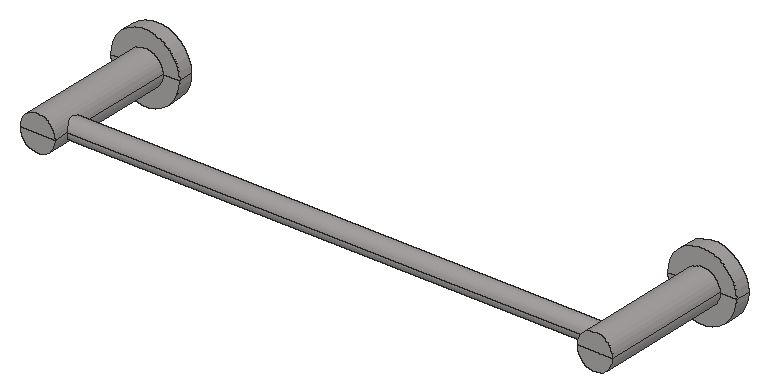
Revit family "Reece_Accessory_Milli_Mood Edit_Guest Towel Rail", category Plumbing Fixtures, Revit 2018
Family settings
  Round Connector Dimension = Use Diameter
  Part Type = Normal
  Work Plane-Based = Yes
  Always vertical = Yes
  Cut with Voids When Loaded = Yes
  Shared = Yes
  Room Calculation Point = Yes
Parameters (values of type "300 mm_Brushed Gunmetal")
  URL = "https://www.reece.com.au/product/-2281319"
  Type Comments = "Accessory\r\n"
  Reece_Product_Web Page = "https://www.reece.com.au/product/-2281319"
  Reece_Product_Type = "Accessory\r\n"  # constant formula
  Reece_Product_Sub Brand = "Mood Edit"  # constant formula
  Reece_Product_Number = "2281319"
  Reece_Product_Mount = "Wall Mounted"
  Reece_Product_Description = "Milli Mood Edit Guest Towel Rail 300mm Brushed Gunmetal"
  Reece_Product_Brand = "Milli\r\n"  # constant formula
  Reece_Overall_Width = 300 mm  # constant formula
  Reece_Overall_Projection = 80 mm  # constant formula
  Reece_Overall_Height = 37 mm  # constant formula
  Reece_Material_Main = Reece_Brass_Brushed Gunmetal
  Reece_Height_From_Level [instance] = 1000 mm
  Reece_Fixing_Point = 300 mm  # constant formula
  Reece_Detail_Shape = ""
  Reece_Detail_Installation = ""
  Reece_Detail_Disclaimer = "THIS FILE IS THE PROPERTY OF THE REECE GROUP. IT MAY NOT BE REPRODUCED, REVERSE-ENGINEERED OR MODIFIED. ANY REPUBLICATION, TRANSMISSION OR DISTRIBUTION FOR THE PURPOSE OF COMMERCIALLY EXPLOITING THE FILES IS PROHIBITED."  # constant formula
  Reece_Detail_Connector = ""  # constant formula
  Reece_Detail_Additional = "Guest Towel Rail\r\n\r\n"  # constant formula
  Model = "Mood Edit"
  Manufacturer = "Milli\r\n"
  Keynote = "Product #2281319, Reece_Accessory_Milli_Mood Edit_Guest Towel Rail - 300 mm_Brushed Gunmetal"
  Disclaimer = "THIS FILE IS THE PROPERTY OF THE REECE GROUP. IT MAY NOT BE REPRODUCED, REVERSE-ENGINEERED OR MODIFIED. ANY REPUBLICATION, TRANSMISSION OR DISTRIBUTION FOR THE PURPOSE OF COMMERCIALLY EXPLOITING THE FILES IS PROHIBITED."  # constant formula
  Description = "Milli Mood Edit Guest Towel Rail 300mm Brushed Gunmetal"
  Default Elevation = 0 mm
Types (9, lengths in mm): name | URL | Reece_Product_Web Page | Reece_Product_Number | Reece_Product_Description | Reece_Material_Main | Keynote | Description
  300 mm_Brushed Gunmetal | "https://www.reece.com.au/product/-2281319" | "https://www.reece.com.au/product/-2281319" | "2281319" | "Milli Mood Edit Guest Towel Rail 300mm Brushed Gunmetal" | Reece_Brass_Brushed Gunmetal | "Product #2281319, Reece_Accessory_Milli_Mood Edit_Guest Towel Rail - 300 mm_Brushed Gunmetal" | "Milli Mood Edit Guest Towel Rail 300mm Brushed Gunmetal"
  300 mm_Brushed Nickel | "https://www.reece.com.au/product/-2299204" | "https://www.reece.com.au/product/-2299204" | "2299204" | "Milli Mood Edit Guest Towel Rail 300mm Brushed Nickel" | Reece_Brass_Brushed Nickel | "Product #2299204, Reece_Accessory_Milli_Mood Edit_Guest Towel Rail - 300 mm_Brushed Nickel" | "Milli Mood Edit Guest Towel Rail 300mm Brushed Nickel"
  300 mm_Chrome | "https://www.reece.com.au/product/-2263299" | "https://www.reece.com.au/product/-2263299" | "2263299" | "Milli Mood Edit Guest Towel Rail 300mm Chrome" | Reece_Brass_Chrome | "Product #2263299, Reece_Accessory_Milli_Mood Edit_Guest Towel Rail - 300 mm_Chrome" | "Milli Mood Edit Guest Towel Rail 300mm Chrome"
  300 mm_Matte Black | "https://www.reece.com.au/product/-2281241" | "https://www.reece.com.au/product/-2281241" | "2281241" | "Milli Mood Edit Guest Towel Rail 300mm Matte Black" | Reece_Brass_Matte Black | "Product #2281241, Reece_Accessory_Milli_Mood Edit_Guest Towel Rail - 300 mm_Matte Black" | "Milli Mood Edit Guest Towel Rail 300mm Matte Black"
  300 mm_PVD Brushed Bronze | "https://www.reece.com.au/product/-9511104" | "https://www.reece.com.au/product/-9511104" | "9511104" | "Milli Mood Edit Guest Towel Rail 300mm PVD Brushed Bronze" | Reece_PVD_Brushed Bronze | "Product #9511104, Reece_Accessory_Milli_Mood Edit_Guest Towel Rail - 300 mm_PVD Brushed Bronze" | "Milli Mood Edit Guest Towel Rail 300mm PVD Brushed Bronze"
  300 mm_PVD Brushed Gold | "https://www.reece.com.au/product/-9510919" | "https://www.reece.com.au/product/-9510919" | "9510919" | "Milli Mood Edit Guest Towel Rail 300mm PVD Brushed Gold" | Reece_PVD_Brushed Gold | "Product #9510919, Reece_Accessory_Milli_Mood Edit_Guest Towel Rail - 300 mm_PVD Brushed Gold" | "Milli Mood Edit Guest Towel Rail 300mm PVD Brushed Gold"
  300 mm _PVD Brushed Gunmetal | "https://www.reece.com.au/product/-9511778" | "https://www.reece.com.au/product/-9511778" | "9511778" | "Milli Mood Edit Guest Towel Rail 300mm PVD Brushed Gunmetal" | Reece_PVD_Brushed Gunmetal | "Product #9511778, Reece_Accessory_Milli_Mood Edit_Guest Towel Rail - 300 mm _PVD Brushed Gunmetal" | "Milli Mood Edit Guest Towel Rail 300mm PVD Brushed Gunmetal"
  300 mm _PVD Brushed Nickel | "https://www.reece.com.au/product/-9511593" | "https://www.reece.com.au/product/-9511593" | "9511593" | "Milli Mood Edit Guest Towel Rail 300mm PVD Brushed Nickel" | Reece_PVD_Brushed Nickel | "Product #9511593, Reece_Accessory_Milli_Mood Edit_Guest Towel Rail - 300 mm _PVD Brushed Nickel" | "Milli Mood Edit Guest Towel Rail 300mm PVD Brushed Nickel"
  300 mm _PVD Matte Black | "https://www.reece.com.au/product/-9511408" | "https://www.reece.com.au/product/-9511408" | "9511408" | "Milli Mood Edit Guest Towel Rail 300mm PVD Matte Black" | Reece_PVD_Matte Black | "Product #9511408, Reece_Accessory_Milli_Mood Edit_Guest Towel Rail - 300 mm _PVD Matte Black" | "Milli Mood Edit Guest Towel Rail 300mm PVD Matte Black"
Reference planes
  plane 1 "Center (Front/Back)": y = 0
  plane 2 "Bottom Host Plane": z = 0
  plane 3 "Center (Left/Right)": x = 0
  plane 4: x = -150
  plane 5: x = 150
  plane 6: x = -168.521
  plane 7: x = -131.521
  plane 8: y = -80
  plane 9 "Rail Height": z = 1000
  plane 10: z = 1018.5
  plane 11: z = 981.5
  plane 12: y = -66.798
  plane 13: z = -5
Forms (mm)
  Revolve 1, solid, material "Reece_Brass_Brushed Gunmetal" <- "Reece_Material_Main"
    sketch origin (0, 0, 1000) x (-1, 0, 0) y (0, -1, 0)
      loop
        line (140.484, 7.943) -> (131.479, 7.943) -> (131.479, 0) -> (150, 0) -> (150, 80) -> (140.482, 80) -> (140.484, 7.943)
      axis (150, 0) -> (150, 80)
    angle from 0 to 360
  Sweep 2, solid, material "Reece_Brass_Brushed Gunmetal" <- "Reece_Material_Main"
    path origin (0, -297.416, 1000) x (-1, 0, 0) y (0, -1, 0)
      loop
        line (150, -230.618) -> (-150, -230.618)
    profile origin (0, -66.798, 1000) x (0, 1, 0) y (0, 0, 1)
      loop
        circle (0, 0) r 5.5
  Revolve 3, solid, material "Reece_Brass_Brushed Gunmetal" <- "Reece_Material_Main"
    sketch origin (0, 0, 1000) x (1, 0, 0) y (0, -1, 0)
      loop
        line (140.484, 7.943) -> (131.479, 7.943) -> (131.479, 0) -> (150, 0) -> (150, 80) -> (140.482, 80) -> (140.484, 7.943)
      axis (150, 0) -> (150, 80)
    angle from 0 to 360
Cuts and joins
  joined: Revolve 1, Sweep 2, Revolve 3
Lines and regions (mm)
  model lines, style "InvisibleLines"
    curve 1: line (0, 0, -5) -> (0, 0, 1000)
Text (mm)
  text "Reece ©" at (2673.36, -2492.003, 2851.449), in view "Reece Preview"
  text "Reece Copyright © 2018, Reece Ltd." at (172.409, -182.379, 0), in view "Ref. Level"
Dimensions and locks
  locked: plane 2 "Bottom Host Plane" to level
  plane 4 to plane 5 = 300 mm
  "Reece_Height_From_Level": plane 9 "Rail Height" to level
  plane 9 "Rail Height" to level = 1000 mm
  "Reece_Fixing_Point": plane 5 to plane 4
  equal spacing: plane 5, plane 3 "Center (Left/Right)", plane 4
  level to plane 9 "Rail Height" = 1000 mm
  "Reece_Overall_Projection": plane 1 "Center (Front/Back)" to plane 8
  Revolve 1 sketch curve to Revolve 1 sketch curve to Revolve 1 sketch curve to Revolve 1 sketch curve to Revolve 1 sketch curve to Revolve 1 sketch curve = 0 mm locked, 9.516 mm locked, 0.002 mm locked, 9.003 mm locked, 0 mm locked
  Revolve 3 sketch curve to Revolve 3 sketch curve to Revolve 3 sketch curve to Revolve 3 sketch curve to Revolve 3 sketch curve to Revolve 3 sketch curve = 0 mm locked, 9.516 mm locked, 0.002 mm locked, 9.003 mm locked, 0 mm locked
  plane 8 to plane 1 "Center (Front/Back)" = 80 mm
  Revolve 3 to Revolve 3 = 7.943 mm
  "Reece_Overall_Height": plane 11 to plane 10
  locked: level to plane 13 at 5
  equal spacing: plane 10, plane 9 "Rail Height", plane 11
  aligned and locked: Revolve 1 sketch curve to plane 4
  aligned and locked: plane 4 to Sweep 2 sketch curve
  aligned and locked: plane 5 to Sweep 2 sketch curve
  aligned and locked: plane 5 to Revolve 3 sketch curve
  aligned and locked: plane 9 "Rail Height" to curve 1
  aligned and locked: plane 3 "Center (Left/Right)" to curve 1
  aligned and locked: plane 13 to curve 1
Automatic sketch dimensions
  plane 1 "Center (Front/Back)" to Revolve 1 sketch curve = 0 mm
  Revolve 1 sketch curve to plane 4 = 0 mm
  Revolve 1 sketch curve to plane 1 "Center (Front/Back)" = 34.168 mm
  plane 8 to Revolve 1 sketch curve = 30.832 mm
  plane 1 "Center (Front/Back)" to Revolve 3 sketch curve = 0 mm
  Revolve 3 sketch curve to plane 5 = 0 mm
  plane 1 "Center (Front/Back)" to Revolve 3 sketch curve = 34.168 mm
  Revolve 3 sketch curve to plane 8 = 30.832 mm
  plane 8 to Revolve 1 sketch curve = 0 mm
  plane 8 to Revolve 3 sketch curve = 0 mm
  plane 12 to Sweep 2 sketch curve = 0 mm
  plane 9 "Rail Height" to Sweep 2 sketch curve = 0 mm
  Sweep 2 sketch curve to profile plane = 0 mm
  radius of Sweep 2 sketch curve = 5.5 mm
